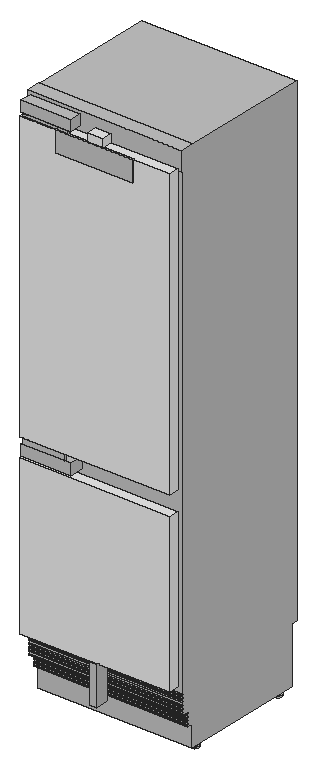
Revit family "FP_Revit_18_RS2484WLU1_Fridge_90001067A", category Specialty Equipment, Revit 2018 (continued)
Definition of nested family "Handle Professional Square - Horizontal"
  Dimensions and locks
    aligned and locked: level to plane 2
    aligned and locked: plane 5 "Product RHS" to Extrusion 1 sketch curve
    aligned and locked: Extrusion 1 sketch curve to plane 1 "Center (Front/Back)"
    aligned and locked: plane 1 "Center (Front/Back)" to Extrusion 1 sketch curve
    aligned and locked: Extrusion 1 sketch curve to plane 6 "LHS Standoff"
    aligned and locked: Extrusion 1 sketch curve to plane 7 "RHS Standoff"
    aligned and locked: plane 7 "RHS Standoff" to Extrusion 2
    aligned and locked: Extrusion 2 to plane 6 "LHS Standoff"
    aligned and locked: plane 5 "Product RHS" to Extrusion 7 sketch curve
    aligned and locked: Extrusion 7 sketch curve to plane 7 "RHS Standoff"
    aligned and locked: plane 6 "LHS Standoff" to Extrusion 7 sketch curve
    aligned and locked: plane 4 "Product LHS" to Extrusion 7 sketch curve
    aligned and locked: Extrusion 7 sketch curve to plane 1 "Center (Front/Back)"
    aligned and locked: plane 1 "Center (Front/Back)" to Extrusion 7 sketch curve
  Automatic sketch dimensions
    Extrusion 1 sketch curve to plane 4 "Product LHS" = 0 mm
    Extrusion 1 sketch curve to plane 4 "Product LHS" = 10 mm
    plane 5 "Product RHS" to Extrusion 1 sketch curve = 10 mm
    Extrusion 1 sketch curve to Extrusion 1 sketch curve = 40 mm  (x2)
    level to Extrusion 2 sketch curve = 0 mm
    plane 1 "Center (Front/Back)" to Extrusion 2 sketch curve = 61.313 mm
    Extrusion 2 sketch curve to Extrusion 2 sketch curve = 13.513 mm
    Extrusion 2 sketch curve to Extrusion 2 sketch curve = 1.328 mm  (x4)
    Extrusion 2 sketch curve to Extrusion 2 sketch curve = 9.684 mm  (x2)
    Extrusion 2 sketch curve to Extrusion 2 sketch curve = 14.172 mm
    Sweep 3 sketch curve to profile plane = 0 mm  (x2)
    Sweep 3 sketch curve to profile plane = 2.5 mm  (x2)
    Sweep 4 sketch curve to profile plane = 0 mm  (x2)
    Sweep 4 sketch curve to profile plane = 2.5 mm  (x2)
    profile plane to Sweep 5 sketch curve = 0 mm
    Sweep 5 sketch curve to profile plane = 0 mm
    Sweep 5 sketch curve to profile plane = 2.5 mm  (x2)
    profile plane to Sweep 6 sketch curve = 0 mm
    Sweep 6 sketch curve to profile plane = 0 mm
    Sweep 6 sketch curve to profile plane = 2.5 mm  (x2)
    Extrusion 7 sketch curve to plane 4 "Product LHS" = 10 mm
    plane 5 "Product RHS" to Extrusion 7 sketch curve = 10 mm
    plane 1 "Center (Front/Back)" to Extrusion 7 sketch curve = 32 mm
    plane 1 "Center (Front/Back)" to Extrusion 7 sketch curve = 40 mm
Definition of nested family "Visibility Control Note 18"
  Types (3): name
    New
    Resolved
    Active
  Reference planes
    plane 1: y = 0
    plane 2: x = 0
  Text (mm)
    text "Edit Type: \nTo control handle kit \nand door panel visibility\n options\n\nDelete unwanted kits \nto reduce file size" at (-0.165, 35.556, 0)
Types (3, lengths in mm): name | Model | Description
  (no name) | "RS2484WLUK1" | "24\" Integrated Column Refrigerator/Freezer with Ice & Water, SS interior"
  RS2484WLU1 | "RS2484WLU1" | "24\" Integrated Column Refrigerator/Freezer with Ice & Water, White Interior"
  RS2484WLUK1 | "RS2484WLUK1" | "24\" Integrated Column Refrigerator/Freezer with Ice & Water, SS interior"
